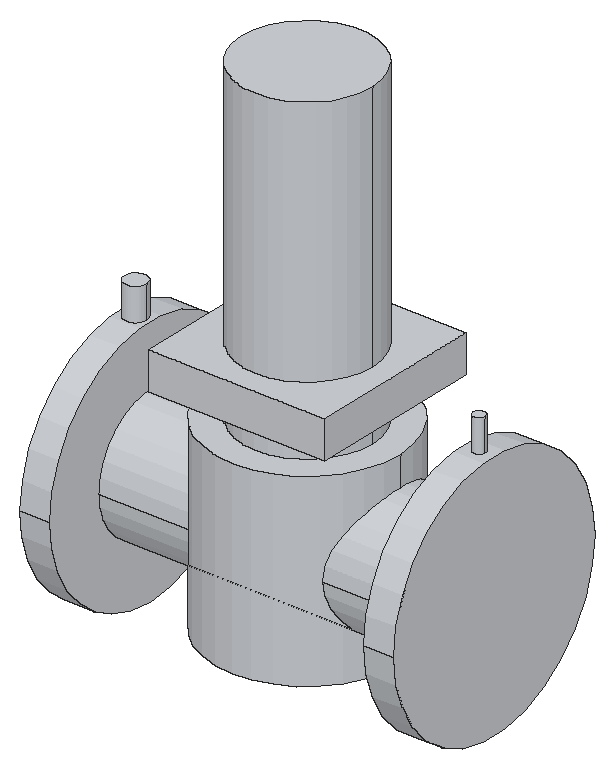
Revit family "PV_Compact_PN25_DN100_(20-100kPa)_RFA_2019", category Pipe Accessories, Revit 2019
Family settings
  Round Connector Dimension = Use Diameter
  Part Type = Valve - Breaks Into
  Work Plane-Based = No
  Always vertical = Yes
  Cut with Voids When Loaded = No
  Shared = No
Parameters (values of type "PV Compact PN25 DN100 (20-100kPa)")
  magiProductId = "7cf36ffc9d0642d6874cd3d421d477"
  magiProductFamilyId = "7c5767a2a396495b8f1e69654734b4"
  magiPartTypeId = 304
  isMeasuringValve [instance] = no
  ang2D [instance] = 0.00°
  W2D = 50 mm
  VersionID = "2.0/2018.12.13.2/FRESE_PV_COMPACT_BIG_Q13_001"
  Use Minimum Symbol Size [instance] = no
  URL = "www.hydronic.cz"
  Type Comments = "PŘÍRUBOVÝ; PN25; dpmax=1000kPa; -10~+120°C"
  R4 = 61.25 mm
  R3 = 61.1 mm
  R1 = 87.5 mm
  QmdConnectorList = "301;D;302;D"
  Productdata [instance] = ""
  Manufacturer = "Hydronic Systems Prague s.r.o."
  Maintenance Zone Under Depth [instance] = 100 mm
  Maintenance Zone Right Depth [instance] = 100 mm
  Maintenance Zone Over Depth [instance] = 100 mm
  Maintenance Zone Left Depth [instance] = 100 mm
  Maintenance Zone Front Depth [instance] = 100 mm
  Maintenance Zone Back Depth [instance] = 100 mm
  Maintenance Zone Front Visibility [instance] = no
  MC Use Limits From Balancing Method = no
  MC Throttling Minimum Value = 0
  MC Throttling Maximum Value = 0
  MC Product Code = "53-3329 DN100 PN25; nastavitelný rozsah dp=20~100kPa; Q=12,9~51,4 m3/h;  kvs=115"
  MC Pressure Drop Minimum Value = 0.0 Pa
  MC Pressure Drop Maximum Value = 0.0 Pa
  MC Piping Given Pressure Drop [instance] = 0.0 Pa
  LF__ve = -LF  # -28 mm
  LF2 = 14 mm
  LF = 28 mm
  L4 = 164.5 mm
  L3 = 294 mm
  L2D_Min = 30.48 mm
  L2D = 230 mm
  L2 = 175 mm
  H6 = 234.75 mm
  H4 = 35.25 mm
  H3 = 29.375 mm
  H2 = 88.125 mm
  H1 = 176.25 mm
  Description = "Nastavitelný regulátor tlakové diference"
  DF2 = 117.5 mm
  D = 100 mm
  Clearance Zone Height Depth [instance] = 100 mm
  Clearance Zone Circular Radius [instance] = 175 mm
  Clearance Zone Visibility [instance] = no
  CAT0 = yes
Types (7, lengths in mm): name | magiProductId | Type Comments | R4 | R3 | R1 | MC Product Code | LF__ve | LF2 | LF | L4 | L3 | L2 | H6 | H4 | H3 | H2 | H1 | DF2 | D | Clearance Zone Circular Radius
  PV Compact PN25 DN050 (20-100kPa) | "c83fbc6219d94d148ccf13b963e54b" | "PŘÍRUBOVÝ; PN25; dpmax=1000kPa; -10~+120°C" | 40.25 | 42.9 | 57.5 | "53-3320 DN050 PN25; nastavitelný rozsah dp=20~100kPa; Q=3,2~13,0 m3/h;  kvs=29" | -18.4 | 9.2 | 18.4 | 108.1 | 193.2 | 115 | 82.25 | 24.75 | 20.625 | 61.875 | 123.75 | 82.5 | 50 | 115
  PV Compact PN25 DN065 (20-100kPa) | "130d70b5f9404660882d0b277b908a" | "PŘÍRUBOVÝ; PN25; dpmax=1000kPa; -10~+120°C" | 50.75 | 48.1 | 72.5 | "53-3323 DN065 PN25; nastavitelný rozsah dp=20~100kPa; Q=4,7~18,8 m3/h;  kvs=42" | -23.2 | 11.6 | 23.2 | 136.3 | 243.6 | 145 | 105.25 | 27.75 | 23.125 | 69.375 | 138.75 | 92.5 | 65 | 145
  PV Compact PN25 DN080 (20-100kPa) | "a1826ed98cb744f2bf0249353d27a7" | "PŘÍRUBOVÝ; PN25; dpmax=1000kPa; -10~+120°C" | 54.25 | 52 | 77.5 | "53-3326 DN080 PN25; nastavitelný rozsah dp=20~100kPa; Q=7,5~30,0 m3/h;  kvs=67" | -24.8 | 12.4 | 24.8 | 145.7 | 260.4 | 155 | 141 | 30 | 25 | 75 | 150 | 100 | 80 | 155
  PV Compact PN25 DN100 (20-100kPa) | "7cf36ffc9d0642d6874cd3d421d477" | "PŘÍRUBOVÝ; PN25; dpmax=1000kPa; -10~+120°C" | 61.25 | 61.1 | 87.5 | "53-3329 DN100 PN25; nastavitelný rozsah dp=20~100kPa; Q=12,9~51,4 m3/h;  kvs=115" | -28 | 14 | 28 | 164.5 | 294 | 175 | 234.75 | 35.25 | 29.375 | 88.125 | 176.25 | 117.5 | 100 | 175
  PV Compact PN25 DN125 (20-100kPa) | "79fb1938054147a099bb761cc75d0a" | "PŘÍRUBOVÝ; PN25; dpmax=1000kPa; -10~+120°C" | 70 | 70.2 | 100 | "53-3332 DN125 PN25; nastavitelný rozsah dp=20~100kPa; Q=19,0~76,0 m3/h;  kvs=170" | -32 | 16 | 32 | 188 | 336 | 200 | 225.5 | 40.5 | 33.75 | 101.25 | 202.5 | 135 | 125 | 200
  PV Compact PN25 DN150 (20-100kPa) | "9089b5560db447c5b770287446c8b2" | "PŘÍRUBOVÝ; PN25; dpmax=1000kPa; -10~+110°C" | 84 | 74.1 | 120 | "53-3335 DN150 PN25; nastavitelný rozsah dp=20~100kPa; Q=28,0~112 m3/h;  kvs=250" | -38.4 | 19.2 | 38.4 | 225.6 | 403.2 | 240 | 256.25 | 42.75 | 35.625 | 106.875 | 213.75 | 142.5 | 150 | 240
  PV Compact PN25 DN200 (20-100kPa) | "21d4a96559b243fabb2a9fe74f4fa1" | "PŘÍRUBOVÝ; PN25; dpmax=1000kPa; -10~+110°C" | 105 | 98.8 | 150 | "53-3338 DN200 PN25; nastavitelný rozsah dp=20~100kPa; Q=30,7~123 m3/h;  kvs=275" | -48 | 24 | 48 | 282 | 504 | 300 | 150 | 57 | 47.5 | 142.5 | 285 | 190 | 200 | 300
Reference planes
  plane 1 "Center (Front/Back)": y = 0
  plane 2 "XYPLANE": z = 0
  plane 3 "Center (Left/Right)": x = 0
  plane 4 "257": y = -117.5
  plane 5 "256": y = 117.5
  plane 6 "255": z = -117.5
  plane 7 "254": y = -217.5
  plane 8 "253": y = 217.5
  plane 9 "252": x = -275
  plane 10 "251": x = 275
  plane 11 "250": z = 487.5
  plane 12 "249": z = -217.5
  plane 13 "248": z = 487.5
  plane 14 "247": z = 387.5
  plane 15 "157": x = 161
  plane 16 "156": x = -161
  plane 17 "155": z = 117.5
  plane 18 "154": z = 152.75
  plane 19 "153": z = 117.5
  plane 20 "152": z = 88.125
  plane 21 "151": x = -147
  plane 22 "150": z = -88.125
  plane 23 "149": x = 0
  plane 24 "148": y = 0
  plane 25 "147": z = 0
  plane 26 "146": x = -175
  plane 27 "145": x = 175
Forms (mm)
  Blend 1, solid, visible <- "Maintenance Zone Front Visibility"
    base sketch origin (-750, 0, -217.5) x (1, 0, 0) y (0, 1, 0)
      loop
        line (475, 217.5) -> (475, -217.5) -> (1025, -217.5) -> (1025, 217.5) -> (475, 217.5)
    top sketch origin (-750, 0, -217.5) x (1, 0, 0) y (0, 1, 0)
      loop
        line (475, 217.5) -> (475, -217.5) -> (1025, -217.5) -> (1025, 217.5) -> (475, 217.5)
    from 0 to 705
  Blend 2, solid, visible <- "Clearance Zone Visibility"
    base sketch origin (-750, 0, 0) x (1, 0, 0) y (0, 1, 0)
      loop
        circle (750, 0) r 175
    top sketch origin (-750, 0, 0) x (1, 0, 0) y (0, 1, 0)
      loop
        circle (750, 0) r 175
    from 0 to 487.5
  Extrusion 3, solid, visible <- "CAT0"
    sketch origin (-750, 0, 117.5) x (1, 0, 0) y (0, 1, 0)
      loop
        circle (911, 0) r 5.5
    from 0 to 30
  Extrusion 4, solid, visible <- "CAT0"
    sketch origin (-750, 0, 117.5) x (1, 0, 0) y (0, 1, 0)
      loop
        circle (589, 0) r 10.3
    from 0 to 30
  Extrusion 5, solid
    sketch origin (-750, 0, 152.75) x (1, 0, 0) y (0, 1, 0)
      loop
        circle (750, 0) r 61.25
    from 0 to 234.75 <- "H6"
  Extrusion 6, solid, visible <- "CAT0"
    sketch origin (-750, 0, 117.5) x (1, 0, 0) y (0, 1, 0)
      loop
        line (832.25, 82.25) -> (667.75, 82.25) -> (667.75, -82.25) -> (832.25, -82.25) -> (832.25, 82.25)
    from 0 to 35.25 <- "H4"
  Extrusion 7, solid, visible <- "CAT0"
    sketch origin (-750, 0, 88.125) x (1, 0, 0) y (0, 1, 0)
      loop
        circle (750, 0) r 61.25
    from 0 to 29.375 <- "H3"
  Extrusion 8, solid, visible <- "CAT0"
    sketch origin (-147, -750, 0) x (0, 1, 0) y (0, 0, 1)
      loop
        circle (750, 0) r 61.1
    from 0 to 294 <- "L3"
  Extrusion 9, solid, visible <- "CAT0"
    sketch origin (-750, 0, -88.125) x (1, 0, 0) y (0, 1, 0)
      loop
        circle (750, 0) r 87.5
    from 0 to 176.25 <- "H1"
  Extrusion 10, solid, visible <- "CAT0"
    sketch origin (-175, -750, 0) x (0, 1, 0) y (0, 0, 1)
      loop
        circle (750, 0) r 117.5
    from 0 to 28 <- "LF"
  Extrusion 11, solid, visible <- "CAT0"
    sketch origin (175, -750, 0) x (0, 1, 0) y (0, 0, 1)
      loop
        circle (750, 0) r 117.5
    from 0 to -28 <- "LF__ve"
  Extrusion 12, solid, not visible
    sketch origin (-175, -750, 0) x (0, 1, 0) y (0, 0, 1)
      loop
        circle (750, 0) r 10
    from 0 to 10
  Extrusion 13, solid, not visible
    sketch origin (175, -750, 0) x (0, 1, 0) y (0, 0, 1)
      loop
        circle (750, 0) r 10
    from 0 to -10
Lines and regions (mm)
  reference lines, not visible
    curve 1: circle (2, 2, 0) r 1 normal (0, 0, 1)
  reference lines
    curve 2: circle (0, 0, 117.5) r 1 normal (0, 0, 1)
Dimensions and locks
  plane 1 "Center (Front/Back)" to curve 1 = 2 mm
  "DF2": plane 24 "148" to plane 4 "257"
  "DF2": plane 24 "148" to plane 5 "256"
  "DF2": plane 25 "147" to plane 6 "255"
  "Maintenance Zone Front Depth": plane 4 "257" to plane 7 "254"
  "Maintenance Zone Back Depth": plane 5 "256" to plane 8 "253"
  "Maintenance Zone Left Depth": plane 26 "146" to plane 9 "252"
  "Maintenance Zone Right Depth": plane 27 "145" to plane 10 "251"
  "Maintenance Zone Over Depth": plane 14 "247" to plane 11 "250"
  "Maintenance Zone Under Depth": plane 6 "255" to plane 12 "249"
  "Clearance Zone Height Depth": plane 14 "247" to plane 13 "248"
  "H6": plane 18 "154" to plane 14 "247"
  "LF2": plane 27 "145" to plane 15 "157"
  "LF2": plane 26 "146" to plane 16 "156"
  "DF2": plane 2 "XYPLANE" to plane 17 "155"
  "H4": plane 19 "153" to plane 18 "154"
  "H3": plane 20 "152" to plane 19 "153"
  "H1": plane 22 "150" to plane 20 "152"
  "LF": plane 26 "146" to plane 21 "151"
  "H2": plane 2 "XYPLANE" to plane 22 "150"
  locked: plane 3 "Center (Left/Right)" to plane 23 "149"
  locked: plane 1 "Center (Front/Back)" to plane 24 "148"
  locked: plane 2 "XYPLANE" to plane 25 "147"
  "L2": plane 3 "Center (Left/Right)" to plane 26 "146"
  "L2": plane 3 "Center (Left/Right)" to plane 27 "145"
  Blend 1 sketch curve to Blend 1 sketch curve = 0 mm  (x16)
  equal spacing: Extrusion 6 sketch curve, curve 2, Extrusion 6 sketch curve  (x2)
  "L4": Extrusion 6 sketch curve to Extrusion 6 sketch curve  (x2)
  Extrusion 6 sketch curve to Extrusion 6 sketch curve = 0 mm  (x8)
  "Clearance Zone Circular Radius": radius of Blend 2 sketch curve  (x2)
  "R4": radius of Extrusion 5 sketch curve
  "R4": radius of Extrusion 7 sketch curve
  "R3": radius of Extrusion 8 sketch curve
  "R1": radius of Extrusion 9 sketch curve
  "DF2": radius of Extrusion 10 sketch curve
  "DF2": radius of Extrusion 11 sketch curve
  aligned and locked: level to plane 2 "XYPLANE"
  aligned and locked: Blend 1 sketch curve to plane 8 "253"  (x2)
  aligned and locked: plane 9 "252" to Blend 1 sketch curve  (x4)
  aligned and locked: plane 10 "251" to Blend 1 sketch curve  (x4)
  aligned and locked: plane 8 "253" to Blend 1 sketch curve  (x2)
  aligned and locked: plane 7 "254" to Blend 1 sketch curve  (x4)
  aligned and locked: plane 11 "250" to Blend 1
  aligned and locked: plane 23 "149" to Blend 2 sketch curve  (x2)
  aligned and locked: plane 24 "148" to Blend 2 sketch curve  (x2)
  aligned and locked: plane 13 "248" to Blend 2
  aligned and locked: plane 15 "157" to Extrusion 3 sketch curve
  aligned and locked: plane 24 "148" to Extrusion 3 sketch curve
  aligned and locked: plane 16 "156" to Extrusion 4 sketch curve
  aligned and locked: plane 24 "148" to Extrusion 4 sketch curve
  aligned and locked: plane 23 "149" to Extrusion 5 sketch curve
  aligned and locked: plane 24 "148" to Extrusion 5 sketch curve
  aligned and locked: plane 23 "149" to curve 2
  aligned and locked: plane 24 "148" to curve 2
  aligned and locked: plane 23 "149" to Extrusion 7 sketch curve
  aligned and locked: plane 24 "148" to Extrusion 7 sketch curve
  aligned and locked: Extrusion 8 sketch curve to plane 24 "148"
  aligned and locked: plane 25 "147" to Extrusion 8 sketch curve
  aligned and locked: plane 23 "149" to Extrusion 9 sketch curve
  aligned and locked: plane 24 "148" to Extrusion 9 sketch curve
  aligned and locked: Extrusion 10 sketch curve to plane 24 "148"
  aligned and locked: plane 25 "147" to Extrusion 10 sketch curve
  aligned and locked: Extrusion 11 sketch curve to plane 24 "148"
  aligned and locked: plane 25 "147" to Extrusion 11 sketch curve
  aligned and locked: Extrusion 12 sketch curve to plane 24 "148"
  aligned and locked: plane 25 "147" to Extrusion 12 sketch curve
  aligned and locked: Extrusion 13 sketch curve to plane 24 "148"
  aligned and locked: plane 25 "147" to Extrusion 13 sketch curve
Automatic sketch dimensions
  Extrusion 3 sketch curve to plane 15 "157" = 5.5 mm
  plane 26 "146" to Extrusion 4 sketch curve = 3.7 mm
  plane 1 "Center (Front/Back)" to Extrusion 12 sketch curve = 10 mm
  plane 1 "Center (Front/Back)" to Extrusion 13 sketch curve = 10 mm
  plane 3 "Center (Left/Right)" to curve 1 = 2 mm
  plane 21 "151" to Extrusion 6 sketch curve = 64.75 mm
  plane 4 "257" to Extrusion 6 sketch curve = 35.25 mm
  radius of curve 2 = 1 mm
  radius of curve 1 = 1 mm
Connectors
  piping at (-175, 0, 0), diameter 100, driven by "D"
    settings: on Extrusion 12, index 1, connector inside diameter 609.6 mm, connector length 0 mm, flow factor 0, pipe flow 0.0 L/s, pressure drop 0.0 Pa, fitting loss kfactor 0, connector angle 0.00°, fixture units 0, engagement length 0 mm, angle of deflection 0.00°, flow configuration 0, flow direction 0, fitting loss method 0, system type 29, joint type 0, gender type 0, connector reference index 2, connector utility 0, adjustable connector no, is connector primary yes, connector description ""
  piping at (175, 0, 0), diameter 100, driven by "D"
    settings: on Extrusion 13, index 2, connector inside diameter 609.6 mm, connector length 0 mm, flow factor 0, pipe flow 0.0 L/s, pressure drop 0.0 Pa, fitting loss kfactor 0, connector angle 0.00°, fixture units 0, engagement length 0 mm, angle of deflection 0.00°, flow configuration 0, flow direction 0, fitting loss method 0, system type 29, joint type 0, gender type 0, connector reference index 1, connector utility 0, adjustable connector no, is connector primary no, connector description ""
